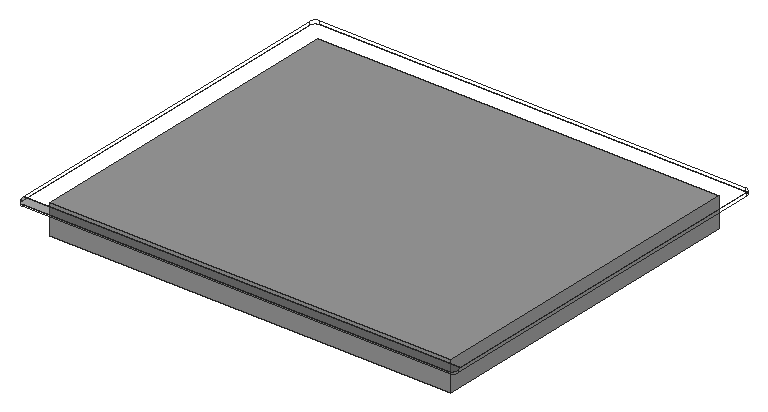
Revit family "IZF 6420", category Specialty Equipment, host Face, Revit 2017
Family settings
  Host = Face
  Round Connector Dimension = Use Diameter
  Part Type = Normal
  Cut with Voids When Loaded = Yes
  Shared = No
  Room Calculation Point = No
Parameters (values of type "IZF 6420")
  URL = "www.teka.cl"
  Profundidad encastre = 470.00 mm
  Profundiadad encimera = 40.00 mm
  Model = "IZF 6420"
  Manufacturer = "Teka"
  Interior encimera = Teka_Aluminio
  Description = "Encimera por inducción empotrable para mueble de cocina"
  Default Elevation = 1219.20 mm
  Cubierta encimera = Teka_Vidrio Encimera Satinado
  Ca_Web del Representante = "www.teka.cl"
  Ca_Web del Fabricante = "www.teka.cl"
  Ca_Usos = "Encimera por inducción empotrable para mueble de cocina"
  Ca_Teléfono = "99821 1017"
  Ca_Representante = "Teka"
  Ca_Profundidad Interior = 490.00 mm
  Ca_Profundidad = 510.00 mm
  Ca_Producto = "Encimera inducción IZF 6420"
  Ca_Peso = "11,8 kg"
  Ca_País de Fabricación = "Turquía"
  Ca_Medidas de embalaje = "103 x 659 x 553 mm"
  Ca_Material Principal = "Cristal vitrocerámico biselado frontal"
  Ca_Masterformat = "11 30 13.13"
  Ca_Itemizado CDT = "E 08 06 02"
  Ca_Instalación = "Empotrable"
  Ca_Fabricante = "Teka"
  Ca_Especificaciones Técnicas = "Encimera por inducción empotrable para cocina modelo IZF 6420"
  Ca_Código del Producto = "10210180"
  Ca_Código EAN = "8421152148785"
  Ca_Código Catálogo Arquitectura = "465_TEK_020"
  Ca_Creado por = "Catálogo Arquitectura"
  Ca_Contacto = "Khorzella@teka.cl"
  Ca_Certificaciones = ""
  Ca_Ancho Interior = 560.00 mm
  Ca_Ancho = 600.00 mm
  Ca_Alto Interior = 0.00 mm
  Ca_Alto = 0.00 mm
  Ca_3_Touch Control (Slider) = yes
  Ca_3_Terminación = "Biselada Frontal"
  Ca_3_Synchro = "2"
  Ca_3_Quick Boiling = "1"
  Ca_3_Programador independiente cada plato = yes
  Ca_3_Optimizador de recipientes = yes
  Ca_3_Keep Warm = yes
  Ca_3_Indicador de calor residual = yes
  Ca_3_Función Stop & Go = yes
  Ca_3_Función Power Plus = yes
  Ca_3_Detector de recipientes = yes
  Ca_3_Bloqueo de panel = yes
  Ca_2_Inducción ø 210 = "1"
  Ca_2_Inducción ø 145 = "1"
  Ca_2_Inducción Oval = "235 x 180 mm"
  Ca_1_Tensión 220/240 V. = "220"
  Ca_1_Potencia W. = "7400"
  Ca_1_Frecuencia Hz. = "50"
  Ca_1_Cable Conexión Tri-fásica = yes
  Ancho encastre = 560.00 mm
  Alto encastre = 80.00 mm
Reference planes
  plane 1 "Centro (Frontal/Posterior)": y = 0
  plane 2: z = 0
  plane 3 "Centro (Izquierda/Derecha)": x = 0
  plane 4: x = -280
  plane 5: x = 280
  plane 6: x = -300
  plane 7: x = 300
  plane 8: y = 235
  plane 9: y = -235
  plane 10: y = 255
  plane 11: y = -255
Forms (mm)
  Extrusion 1, solid, material "Teka_Vidrio Encimera Satinado" <- "Cubierta encimera"
    sketch origin (0, 0, 0) x (1, 0, 0) y (0, 1, 0)
      loop
        arc (-292, 255) -> (-297.657, 252.657) -> (-300, 247) r 8
        line (-300, 247) -> (-300, -247)
        arc (-300, -247) -> (-297.657, -252.657) -> (-292, -255) r 8
        line (-292, -255) -> (292, -255)
        arc (292, -255) -> (297.657, -252.657) -> (300, -247) r 8
        line (300, -247) -> (300, 247)
        arc (300, 247) -> (297.657, 252.657) -> (292, 255) r 8
        line (292, 255) -> (-292, 255)
    from 0 to 5
  Extrusion 2, void
    sketch origin (4.283, 0.162, 0) x (0, 1, 0) y (0, 0, 1)
      loop
        line (-243.252, 5) -> (-243.252, 11.785) -> (-259.041, 11.785) -> (-258.103, 2.001)
        arc (-258.103, 2.001) -> (-250.6, 3.116) -> (-243.252, 5) r 73.237
    from -317.607 to 320.474
  Extrusion 3, void
    sketch origin (-549.2, 1154.2, 0) x (0, 1, 0) y (1, 0, 0)
      loop
        line (-919.2, 269.2) -> (-919.2, 829.2) -> (-1389.2, 829.2) -> (-1389.2, 269.2) -> (-919.2, 269.2)
    from 0 to 80 <- "Alto encastre"
  Extrusion 4, solid, material "Teka_Aluminio" <- "Interior encimera"
    sketch origin (8.256, -4.097, 0) x (0, 1, 0) y (1, 0, 0)
      loop
        line (234.097, -283.256) -> (234.097, 266.744) -> (-225.903, 266.744) -> (-225.903, -283.256) -> (234.097, -283.256)
    from 0 to 40 <- "Profundiadad encimera"
Cuts and joins
  Extrusion 2 cuts Extrusion 1
Lines and regions (mm)
  Split face 1
    outline origin (-1534.635, 255, 5) x (-1, 0, 0) y (0, -1, 0)
      loop
        arc (-1544.02, 19.473) -> (-1542.523, 19.66) -> (-1542.305, 21.152) r 1.245
        line (-1542.305, 21.152) -> (-1554.898, 34.013)
        arc (-1554.898, 34.013) -> (-1556.578, 34.014) -> (-1556.613, 32.334) r 1.2
        line (-1556.613, 32.334) -> (-1544.02, 19.473)
  Split face 2
    outline origin (-1534.635, 255, 5) x (-1, 0, 0) y (0, -1, 0)
      loop
        arc (-1564.348, 40.718) -> (-1563.952, 40.886) -> (-1563.779, 41.28) r 0.583
        line (-1563.779, 41.28) -> (-1613.142, 91.305)
        arc (-1613.142, 91.305) -> (-1613.55, 91.15) -> (-1613.711, 90.744) r 0.542
        line (-1613.711, 90.744) -> (-1564.348, 40.718)
  Split face 3
    outline origin (-1534.635, 255, 5) x (-1, 0, 0) y (0, -1, 0)
      loop
        arc (-1791.862, 21.152) -> (-1791.644, 19.66) -> (-1790.147, 19.473) r 1.245
        line (-1790.147, 19.473) -> (-1777.554, 32.334)
        arc (-1777.554, 32.334) -> (-1777.589, 34.014) -> (-1779.269, 34.013) r 1.2
        line (-1779.269, 34.013) -> (-1791.862, 21.152)
  Split face 4
    outline origin (-1534.635, 255, 5) x (-1, 0, 0) y (0, -1, 0)
      loop
        line (-1721.228, 91.305) -> (-1770.591, 41.28)
        arc (-1770.591, 41.28) -> (-1770.418, 40.886) -> (-1770.021, 40.718) r 0.583
        line (-1770.021, 40.718) -> (-1720.659, 90.744)
        arc (-1720.659, 90.744) -> (-1720.819, 91.15) -> (-1721.228, 91.305) r 0.542
  Split face 5
    outline origin (-1534.635, 255, 5) x (-1, 0, 0) y (0, -1, 0)
      loop
        line (-1646.522, 226.88) -> (-1646.522, 225.78) -> (-1548.535, 225.78) -> (-1548.535, 226.88) -> (-1646.522, 226.88)
  Split face 6
    outline origin (-1534.635, 255, 5) x (-1, 0, 0) y (0, -1, 0)
      loop
        line (-1681.125, 226.88) -> (-1785.721, 226.88) -> (-1785.721, 225.78) -> (-1681.125, 225.78) -> (-1681.125, 226.88)
  Split face 7
    outline origin (-1534.635, 255, 5) x (-1, 0, 0) y (0, -1, 0)
      loop
        line (-1667.906, 220.743) -> (-1667.906, 216.303) -> (-1659.684, 216.303) -> (-1659.684, 220.743) -> (-1667.906, 220.743)
  Split face 8
    outline origin (-1534.635, 255, 5) x (-1, 0, 0) y (0, -1, 0)
      loop
        line (-1662.091, 220.743) -> (-1662.091, 216.303)
      loop
        line (-1665.606, 216.303) -> (-1665.606, 220.743)
      loop
        line (-1662.691, 216.303) -> (-1662.691, 220.743)
      loop
        line (-1665.006, 220.743) -> (-1665.006, 216.303)
  Split face 9
    outline origin (-1534.635, 255, 5) x (-1, 0, 0) y (0, -1, 0)
      loop
        line (-1662.691, 220.243) -> (-1664.506, 220.243) -> (-1664.506, 216.803) -> (-1662.691, 216.803)
  Split face 10
    outline origin (-1534.635, 255, 5) x (-1, 0, 0) y (0, -1, 0)
      loop
        line (-1664.506, 218.523) -> (-1662.691, 218.523)
      loop
        line (-1662.691, 218.023) -> (-1664.506, 218.023)
  Split face 11
    outline origin (-1534.635, 255, 5) x (-1, 0, 0) y (0, -1, 0)
      loop
        line (-1667.906, 216.803) -> (-1666.106, 216.803) -> (-1666.106, 217.803) -> (-1667.906, 217.803)
      loop
        line (-1665.606, 220.243) -> (-1667.406, 220.243) -> (-1667.406, 218.303) -> (-1665.606, 218.303)
  Split face 12
    outline origin (-1534.635, 255, 5) x (-1, 0, 0) y (0, -1, 0)
      loop
        line (-1659.684, 217.503) -> (-1662.091, 217.503)
        arc (-1662.091, 217.503) -> (-1660.887, 216.299) -> (-1659.684, 217.503) r 1.204
  Split face 13
    outline origin (-1534.635, 255, 5) x (-1, 0, 0) y (0, -1, 0)
      loop
        arc (-1661.591, 217.503) -> (-1660.887, 216.799) -> (-1660.184, 217.503) r 0.704
  Split face 14
    outline origin (-1534.635, 255, 5) x (-1, 0, 0) y (0, -1, 0)
      loop
        line (-1662.091, 217.503) -> (-1660.558, 220.243) -> (-1662.091, 220.243)
      loop
        line (-1659.684, 220.743) -> (-1661.591, 217.503)
  Split face 15
    outline origin (-1534.635, 255, 5) x (-1, 0, 0) y (0, -1, 0)
      loop
        line (-1651.879, 227.596) -> (-1652.679, 227.596) -> (-1652.679, 225.006) -> (-1653.885, 225.006) -> (-1653.885, 224.206) -> (-1652.679, 224.206) -> (-1652.679, 223.216) -> (-1654.877, 223.216) -> (-1654.877, 222.416) -> (-1651.879, 222.416) -> (-1651.879, 227.596)
  Split face 16
    outline origin (-1534.635, 255, 5) x (-1, 0, 0) y (0, -1, 0)
      loop
        line (-1652.079, 222.416) -> (-1652.079, 227.596)
  Split face 17
    outline origin (-1534.635, 255, 5) x (-1, 0, 0) y (0, -1, 0)
      loop
        line (-1652.679, 223.216) -> (-1652.679, 222.416)
  Split face 18
    outline origin (-1534.635, 255, 5) x (-1, 0, 0) y (0, -1, 0)
      loop
        line (-1652.679, 223.016) -> (-1654.877, 223.016)
  Split face 19
    outline origin (-1534.635, 255, 5) x (-1, 0, 0) y (0, -1, 0)
      loop
        line (-1652.679, 224.206) -> (-1652.679, 225.006)
  Split face 20
    outline origin (-1534.635, 255, 5) x (-1, 0, 0) y (0, -1, 0)
      loop
        line (-1653.885, 224.406) -> (-1652.679, 224.406)
  Split face 21
    outline origin (-1534.635, 255, 5) x (-1, 0, 0) y (0, -1, 0)
      loop
        line (-1655.477, 222.416) -> (-1655.477, 227.596) -> (-1656.277, 227.596) -> (-1656.277, 222.416) -> (-1655.477, 222.416)
  Split face 22
    outline origin (-1534.635, 255, 5) x (-1, 0, 0) y (0, -1, 0)
      loop
        line (-1655.677, 227.596) -> (-1655.677, 222.416)
  Split face 23
    outline origin (-1534.635, 255, 5) x (-1, 0, 0) y (0, -1, 0)
      loop
        line (-1657.443, 227.596) -> (-1659.543, 227.596) -> (-1659.543, 224.796) -> (-1657.443, 224.796) -> (-1657.443, 227.596)
  Split face 24
    outline origin (-1534.635, 255, 5) x (-1, 0, 0) y (0, -1, 0)
      loop
        line (-1659.543, 225.296) -> (-1657.943, 225.296) -> (-1657.943, 227.096) -> (-1659.543, 227.096)
  Split face 25
    outline origin (-1534.635, 255, 5) x (-1, 0, 0) y (0, -1, 0)
      loop
        line (-1659.543, 225.996) -> (-1657.943, 225.996)
      loop
        line (-1657.943, 226.396) -> (-1659.543, 226.396)
  Split face 26
    outline origin (-1534.635, 255, 5) x (-1, 0, 0) y (0, -1, 0)
      loop
        line (-1660.603, 224.796) -> (-1660.603, 227.596) -> (-1662.703, 227.596) -> (-1662.703, 224.796) -> (-1660.603, 224.796)
  Split face 27
    outline origin (-1534.635, 255, 5) x (-1, 0, 0) y (0, -1, 0)
      loop
        line (-1660.978, 224.796) -> (-1661.653, 225.696) -> (-1662.328, 224.796)
      loop
        line (-1662.328, 227.596) -> (-1661.653, 226.696) -> (-1660.978, 227.596)
      loop
        line (-1662.703, 225.296) -> (-1662.028, 226.196) -> (-1662.703, 227.096)
      loop
        line (-1660.603, 227.096) -> (-1661.278, 226.196) -> (-1660.603, 225.296)
  Split face 28
    outline origin (-1534.635, 255, 5) x (-1, 0, 0) y (0, -1, 0)
      loop
        line (-1665.092, 222.416) -> (-1665.092, 227.596) -> (-1668.892, 227.596) -> (-1668.892, 222.416) -> (-1665.092, 222.416)
  Split face 29
    outline origin (-1534.635, 255, 5) x (-1, 0, 0) y (0, -1, 0)
      loop
        line (-1665.092, 226.996) -> (-1668.192, 223.016) -> (-1665.092, 223.016)
      loop
        line (-1668.892, 223.016) -> (-1665.792, 226.996) -> (-1668.892, 226.996)
  Split face 30
    outline origin (-1534.635, 255, 5) x (-1, 0, 0) y (0, -1, 0)
      loop
        line (-1669.645, 224.796) -> (-1669.645, 227.596) -> (-1671.745, 227.596) -> (-1671.745, 224.796) -> (-1669.645, 224.796)
  Split face 31
    outline origin (-1534.635, 255, 5) x (-1, 0, 0) y (0, -1, 0)
      loop
        line (-1671.245, 225.296) -> (-1670.145, 225.296) -> (-1670.145, 227.096) -> (-1671.245, 227.096) -> (-1671.245, 225.296)
  Split face 32
    outline origin (-1534.635, 255, 5) x (-1, 0, 0) y (0, -1, 0)
      loop
        line (-1672.645, 224.796) -> (-1672.645, 227.596) -> (-1674.745, 227.596) -> (-1674.745, 224.796) -> (-1672.645, 224.796)
  Split face 33
    outline origin (-1534.635, 255, 5) x (-1, 0, 0) y (0, -1, 0)
      loop
        line (-1674.245, 227.596) -> (-1674.245, 225.296) -> (-1673.145, 225.296) -> (-1673.145, 227.596)
  Split face 34
    outline origin (-1534.635, 255, 5) x (-1, 0, 0) y (0, -1, 0)
      loop
        line (-1675.645, 224.796) -> (-1675.645, 227.596) -> (-1677.745, 227.596) -> (-1677.745, 224.796) -> (-1675.645, 224.796)
  Split face 35
    outline origin (-1534.635, 255, 5) x (-1, 0, 0) y (0, -1, 0)
      loop
        line (-1677.745, 225.296) -> (-1676.145, 225.296) -> (-1676.145, 227.096) -> (-1677.745, 227.096)
  Split face 36
    outline origin (-1534.635, 255, 5) x (-1, 0, 0) y (0, -1, 0)
      loop
        line (-1677.745, 225.996) -> (-1676.145, 225.996)
      loop
        line (-1677.745, 226.396) -> (-1676.145, 226.396)
  Split face 37
    outline origin (-1534.635, 255, 5) x (-1, 0, 0) y (0, -1, 0)
      loop
        arc (-1556.613, 420.327) -> (-1556.578, 418.647) -> (-1554.898, 418.648) r 1.2
        line (-1554.898, 418.648) -> (-1542.305, 431.509)
        arc (-1542.305, 431.509) -> (-1542.523, 433.001) -> (-1544.02, 433.188) r 1.245
        line (-1544.02, 433.188) -> (-1556.613, 420.327)
  Split face 38
    outline origin (-1534.635, 255, 5) x (-1, 0, 0) y (0, -1, 0)
      loop
        line (-1613.142, 361.355) -> (-1563.779, 411.381)
        arc (-1563.779, 411.381) -> (-1563.952, 411.775) -> (-1564.348, 411.943) r 0.583
        line (-1564.348, 411.943) -> (-1613.711, 361.917)
        arc (-1613.711, 361.917) -> (-1613.55, 361.511) -> (-1613.142, 361.355) r 0.542
  Split face 39
    outline origin (-1534.635, 255, 5) x (-1, 0, 0) y (0, -1, 0)
      loop
        line (-1791.862, 431.509) -> (-1779.269, 418.648)
        arc (-1779.269, 418.648) -> (-1777.589, 418.647) -> (-1777.554, 420.327) r 1.2
        line (-1777.554, 420.327) -> (-1790.147, 433.188)
        arc (-1790.147, 433.188) -> (-1791.644, 433.001) -> (-1791.862, 431.509) r 1.245
  Split face 40
    outline origin (-1534.635, 255, 5) x (-1, 0, 0) y (0, -1, 0)
      loop
        line (-1770.591, 411.381) -> (-1721.228, 361.355)
        arc (-1721.228, 361.355) -> (-1720.819, 361.511) -> (-1720.659, 361.917) r 0.542
        line (-1720.659, 361.917) -> (-1770.021, 411.943)
        arc (-1770.021, 411.943) -> (-1770.418, 411.775) -> (-1770.591, 411.381) r 0.583
  Split face 41
    outline origin (-1534.635, 255, 5) x (-1, 0, 0) y (0, -1, 0)
      loop
        line (-1665.977, 138.855) -> (-1669.333, 138.855)
        arc (-1669.333, 138.855) -> (-1671.46, 136.864) -> (-1670.138, 134.269) r 2.424
        line (-1670.138, 134.269) -> (-1665.725, 134.269) -> (-1663.975, 142.069) -> (-1665.256, 142.069) -> (-1665.977, 138.855)
  Split face 42
    outline origin (-1534.635, 255, 5) x (-1, 0, 0) y (0, -1, 0)
      loop
        line (-1666.179, 137.955) -> (-1669.279, 137.955)
        arc (-1669.279, 137.955) -> (-1670.559, 136.779) -> (-1669.904, 135.169) r 1.524
        line (-1669.904, 135.169) -> (-1666.804, 135.169) -> (-1666.179, 137.955)
  Split face 43
    outline origin (-1534.635, 255, 5) x (-1, 0, 0) y (0, -1, 0)
      loop
        line (-1665.977, 311.925) -> (-1669.333, 311.925)
        arc (-1669.333, 311.925) -> (-1671.46, 309.934) -> (-1670.138, 307.339) r 2.424
        line (-1670.138, 307.339) -> (-1665.725, 307.339) -> (-1663.975, 315.139) -> (-1665.256, 315.139) -> (-1665.977, 311.925)
  Split face 44
    outline origin (-1534.635, 255, 5) x (-1, 0, 0) y (0, -1, 0)
      loop
        line (-1666.179, 311.025) -> (-1669.279, 311.025)
        arc (-1669.279, 311.025) -> (-1670.559, 309.849) -> (-1669.904, 308.239) r 1.524
        line (-1669.904, 308.239) -> (-1666.804, 308.239) -> (-1666.179, 311.025)
  Split face 45
    outline origin (-1534.635, 255, 5) x (-1, 0, 0) y (0, -1, 0)
      loop
        arc (-1449.575, 47.749) -> (-1449.906, 49.252) -> (-1451.411, 49.576) r 1.423
        line (-1451.411, 49.576) -> (-1469.044, 31.854)
        arc (-1469.044, 31.854) -> (-1468.725, 30.333) -> (-1467.201, 30.02) r 1.417
        line (-1467.201, 30.02) -> (-1449.575, 47.749)
  Split face 46
    outline origin (-1534.635, 255, 5) x (-1, 0, 0) y (0, -1, 0)
      loop
        line (-1280.197, 31.713) -> (-1297.972, 49.439)
        arc (-1297.972, 49.439) -> (-1299.649, 49.256) -> (-1299.981, 47.602) r 1.428
        line (-1299.981, 47.602) -> (-1282.117, 29.787)
        arc (-1282.117, 29.787) -> (-1280.672, 30.266) -> (-1280.197, 31.713) r 1.692
  Split face 47
    outline origin (-1534.635, 255, 5) x (-1, 0, 0) y (0, -1, 0)
      loop
        line (-1449.423, 200.921) -> (-1467.188, 218.63)
        arc (-1467.188, 218.63) -> (-1468.915, 218.396) -> (-1469.144, 216.667) r 1.436
        line (-1469.144, 216.667) -> (-1451.272, 199.066)
        arc (-1451.272, 199.066) -> (-1449.829, 199.476) -> (-1449.423, 200.921) r 1.536
  Split face 48
    outline origin (-1534.635, 255, 5) x (-1, 0, 0) y (0, -1, 0)
      loop
        arc (-1280.651, 216.596) -> (-1280.702, 218.47) -> (-1282.575, 218.528) r 1.365
        line (-1282.575, 218.528) -> (-1299.895, 200.745)
        arc (-1299.895, 200.745) -> (-1299.579, 199.362) -> (-1298.177, 199.139) r 1.268
        line (-1298.177, 199.139) -> (-1280.651, 216.596)
  Split face 49
    outline origin (-1534.635, 255, 5) x (-1, 0, 0) y (0, -1, 0)
      loop
        arc (-1304.87, 53.903) -> (-1304.456, 53.989) -> (-1304.328, 54.392) r 0.419
        line (-1304.328, 54.392) -> (-1342.46, 92.627)
        arc (-1342.46, 92.627) -> (-1342.966, 92.505) -> (-1343.086, 91.998) r 0.497
        line (-1343.086, 91.998) -> (-1304.87, 53.903)
  Split face 50
    outline origin (-1534.635, 255, 5) x (-1, 0, 0) y (0, -1, 0)
      loop
        arc (-1406.702, 91.816) -> (-1406.727, 92.408) -> (-1407.319, 92.425) r 0.435
        line (-1407.319, 92.425) -> (-1436.21, 63.531)
        arc (-1436.21, 63.531) -> (-1436.161, 62.948) -> (-1435.576, 62.917) r 0.446
        line (-1435.576, 62.917) -> (-1406.702, 91.816)
  Split face 51
    outline origin (-1534.635, 255, 5) x (-1, 0, 0) y (0, -1, 0)
      loop
        arc (-1304.388, 194.273) -> (-1304.509, 194.666) -> (-1304.915, 194.733) r 0.391
        line (-1304.915, 194.733) -> (-1343.16, 156.626)
        arc (-1343.16, 156.626) -> (-1343.04, 156.169) -> (-1342.583, 156.049) r 0.468
        line (-1342.583, 156.049) -> (-1304.388, 194.273)
  Split face 52
    outline origin (-1534.635, 255, 5) x (-1, 0, 0) y (0, -1, 0)
      loop
        line (-1406.668, 156.786) -> (-1444.69, 194.831)
        arc (-1444.69, 194.831) -> (-1445.17, 194.729) -> (-1445.272, 194.249) r 0.451
        line (-1445.272, 194.249) -> (-1407.247, 156.207)
        arc (-1407.247, 156.207) -> (-1406.731, 156.27) -> (-1406.668, 156.786) r 0.421
  Split face 53
    outline origin (-1534.635, 255, 5) x (-1, 0, 0) y (0, -1, 0)
      loop
        line (-1373.638, 122.198) -> (-1371.545, 122.198) -> (-1371.545, 126.469) -> (-1372.445, 126.469) -> (-1372.445, 124.972) -> (-1373.638, 124.972)
        arc (-1373.638, 124.972) -> (-1375.024, 123.585) -> (-1373.638, 122.198) r 1.387
  Split face 54
    outline origin (-1534.635, 255, 5) x (-1, 0, 0) y (0, -1, 0)
      loop
        line (-1372.445, 124.072) -> (-1373.638, 124.064)
        arc (-1373.638, 124.064) -> (-1374.121, 123.581) -> (-1373.638, 123.098) r 0.483
        line (-1373.638, 123.098) -> (-1372.445, 123.098) -> (-1372.445, 124.072)
  Split face 55
    outline origin (-1534.635, 255, 5) x (-1, 0, 0) y (0, -1, 0)
      loop
        line (-1376.239, 123.04) -> (-1376.239, 124.04) -> (-1375.239, 124.04) -> (-1375.239, 124.94) -> (-1376.239, 124.94) -> (-1376.239, 125.94) -> (-1377.122, 125.94) -> (-1377.122, 124.94) -> (-1378.122, 124.94) -> (-1378.122, 124.04) -> (-1377.122, 124.04) -> (-1377.122, 123.04) -> (-1376.239, 123.04)
  Split face 56
    outline origin (-1534.635, 255, 5) x (-1, 0, 0) y (0, -1, 0)
      loop
        circle (-1374.749, 124.356) r 105
  Split face 57
    outline origin (-1534.635, 255, 5) x (-1, 0, 0) y (0, -1, 0)
      loop
        circle (-1374.749, 124.356) r 103
  Split face 58
    outline origin (-1534.635, 255, 5) x (-1, 0, 0) y (0, -1, 0)
      loop
        line (-1306.238, 47.446) -> (-1304.907, 45.952)
      loop
        line (-1306.911, 46.851) -> (-1305.594, 45.346)
      loop
        line (-1314.652, 40.706) -> (-1313.485, 39.081)
      loop
        line (-1315.384, 40.184) -> (-1314.232, 38.55)
      loop
        line (-1323.725, 34.882) -> (-1322.735, 33.145)
      loop
        line (-1324.508, 34.44) -> (-1323.532, 32.694)
      loop
        line (-1333.357, 30.039) -> (-1332.554, 28.207)
      loop
        line (-1334.182, 29.681) -> (-1333.394, 27.843)
      loop
        line (-1343.443, 26.229) -> (-1342.835, 24.323)
      loop
        line (-1344.3, 25.959) -> (-1343.709, 24.049)
      loop
        line (-1353.872, 23.494) -> (-1353.466, 21.536)
      loop
        line (-1354.752, 23.316) -> (-1354.364, 21.354)
      loop
        line (-1364.529, 21.864) -> (-1364.33, 19.874)
      loop
        line (-1365.424, 21.779) -> (-1365.243, 19.787)
      loop
        line (-1375.298, 21.357) -> (-1375.309, 19.357)
      loop
        line (-1376.197, 21.366) -> (-1376.225, 19.366)
      loop
        line (-1386.061, 21.979) -> (-1386.281, 19.991)
      loop
        line (-1386.954, 22.082) -> (-1387.191, 20.096)
      loop
        line (-1396.701, 23.722) -> (-1397.127, 21.768)
      loop
        line (-1397.578, 23.918) -> (-1398.021, 21.968)
      loop
        line (-1407.1, 26.568) -> (-1407.728, 24.669)
      loop
        line (-1407.952, 26.854) -> (-1408.596, 24.961)
      loop
        line (-1417.144, 30.486) -> (-1417.967, 28.663)
      loop
        line (-1417.961, 30.859) -> (-1418.801, 29.044)
      loop
        line (-1426.724, 35.431) -> (-1427.733, 33.705)
      loop
        line (-1427.498, 35.888) -> (-1428.522, 34.17)
      loop
        line (-1435.734, 41.351) -> (-1436.918, 39.739)
      loop
        line (-1436.456, 41.887) -> (-1437.654, 40.285)
      loop
        line (-1444.077, 48.181) -> (-1445.423, 46.702)
      loop
        line (-1444.739, 48.789) -> (-1446.098, 47.321)
      loop
        line (-1451.659, 55.845) -> (-1453.153, 54.514)
      loop
        line (-1452.254, 56.518) -> (-1453.759, 55.201)
      loop
        line (-1458.399, 64.259) -> (-1460.024, 63.092)
      loop
        line (-1458.921, 64.992) -> (-1460.555, 63.839)
      loop
        line (-1464.223, 73.332) -> (-1465.96, 72.342)
      loop
        line (-1464.665, 74.115) -> (-1466.411, 73.14)
      loop
        line (-1469.066, 82.964) -> (-1470.898, 82.161)
      loop
        line (-1469.424, 83.789) -> (-1471.262, 83.001)
      loop
        line (-1472.876, 93.05) -> (-1474.781, 92.442)
      loop
        line (-1473.145, 93.908) -> (-1475.056, 93.316)
      loop
        line (-1475.611, 103.479) -> (-1477.569, 103.073)
      loop
        line (-1475.789, 104.36) -> (-1477.751, 103.971)
      loop
        line (-1477.241, 114.136) -> (-1479.231, 113.937)
      loop
        line (-1477.326, 115.031) -> (-1479.318, 114.85)
      loop
        line (-1477.747, 124.905) -> (-1479.747, 124.916)
      loop
        line (-1477.739, 125.804) -> (-1479.739, 125.832)
      loop
        line (-1477.126, 135.668) -> (-1479.114, 135.888)
      loop
        line (-1477.023, 136.561) -> (-1479.009, 136.798)
      loop
        line (-1475.382, 146.308) -> (-1477.337, 146.734)
      loop
        line (-1475.187, 147.185) -> (-1477.137, 147.628)
      loop
        line (-1472.537, 156.707) -> (-1474.435, 157.335)
      loop
        line (-1472.251, 157.559) -> (-1474.144, 158.203)
      loop
        line (-1468.619, 166.751) -> (-1470.442, 167.574)
      loop
        line (-1468.246, 167.569) -> (-1470.061, 168.408)
      loop
        line (-1463.674, 176.331) -> (-1465.4, 177.34)
      loop
        line (-1463.217, 177.105) -> (-1464.934, 178.129)
      loop
        line (-1457.754, 185.341) -> (-1459.365, 186.526)
      loop
        line (-1457.218, 186.063) -> (-1458.82, 187.262)
      loop
        line (-1450.924, 193.684) -> (-1452.403, 195.03)
      loop
        line (-1450.316, 194.346) -> (-1451.784, 195.705)
      loop
        line (-1443.26, 201.266) -> (-1444.591, 202.76)
      loop
        line (-1442.586, 201.861) -> (-1443.904, 203.366)
      loop
        line (-1434.846, 208.006) -> (-1436.012, 209.631)
      loop
        line (-1434.113, 208.528) -> (-1435.266, 210.162)
      loop
        line (-1425.773, 213.83) -> (-1426.763, 215.567)
      loop
        line (-1424.99, 214.272) -> (-1425.965, 216.018)
      loop
        line (-1416.14, 218.673) -> (-1416.944, 220.505)
      loop
        line (-1415.316, 219.031) -> (-1416.103, 220.869)
      loop
        line (-1406.055, 222.483) -> (-1406.663, 224.388)
      loop
        line (-1405.197, 222.753) -> (-1405.789, 224.663)
      loop
        line (-1395.626, 225.218) -> (-1396.032, 227.176)
      loop
        line (-1394.745, 225.396) -> (-1395.134, 227.358)
      loop
        line (-1384.969, 226.848) -> (-1385.167, 228.838)
      loop
        line (-1384.074, 226.933) -> (-1384.255, 228.925)
      loop
        line (-1374.2, 227.354) -> (-1374.189, 229.354)
      loop
        line (-1373.301, 227.346) -> (-1373.273, 229.346)
      loop
        line (-1363.436, 226.733) -> (-1363.217, 228.721)
      loop
        line (-1362.543, 226.63) -> (-1362.306, 228.616)
      loop
        line (-1352.797, 224.99) -> (-1352.371, 226.944)
      loop
        line (-1351.92, 224.794) -> (-1351.476, 226.744)
      loop
        line (-1342.398, 222.144) -> (-1341.77, 224.042)
      loop
        line (-1341.546, 221.858) -> (-1340.901, 223.751)
      loop
        line (-1332.354, 218.226) -> (-1331.531, 220.049)
      loop
        line (-1331.536, 217.853) -> (-1330.697, 219.668)
      loop
        line (-1322.774, 213.281) -> (-1321.765, 215.007)
      loop
        line (-1322, 212.824) -> (-1320.976, 214.542)
      loop
        line (-1313.764, 207.361) -> (-1312.579, 208.972)
      loop
        line (-1313.042, 206.825) -> (-1311.843, 208.427)
      loop
        line (-1305.421, 200.531) -> (-1304.075, 202.01)
      loop
        line (-1304.759, 199.923) -> (-1303.4, 201.391)
      loop
        line (-1297.839, 192.867) -> (-1296.345, 194.198)
      loop
        line (-1297.244, 192.193) -> (-1295.739, 193.511)
      loop
        line (-1291.098, 184.453) -> (-1289.474, 185.62)
      loop
        line (-1290.577, 183.72) -> (-1288.943, 184.873)
      loop
        line (-1285.275, 175.38) -> (-1283.538, 176.37)
      loop
        line (-1284.833, 174.597) -> (-1283.087, 175.572)
      loop
        line (-1280.432, 165.747) -> (-1278.6, 166.551)
      loop
        line (-1280.074, 164.923) -> (-1278.236, 165.711)
      loop
        line (-1276.622, 155.662) -> (-1274.716, 156.27)
      loop
        line (-1276.352, 154.804) -> (-1274.442, 155.396)
      loop
        line (-1273.887, 145.233) -> (-1271.928, 145.639)
      loop
        line (-1273.709, 144.352) -> (-1271.747, 144.741)
      loop
        line (-1272.257, 134.576) -> (-1270.267, 134.774)
      loop
        line (-1272.172, 133.681) -> (-1270.18, 133.862)
      loop
        line (-1271.75, 123.807) -> (-1269.75, 123.796)
      loop
        line (-1271.759, 122.908) -> (-1269.759, 122.88)
      loop
        line (-1272.372, 113.043) -> (-1270.384, 112.824)
      loop
        line (-1272.475, 112.15) -> (-1270.489, 111.913)
      loop
        line (-1274.115, 102.404) -> (-1272.161, 101.978)
      loop
        line (-1274.311, 101.527) -> (-1272.36, 101.083)
      loop
        line (-1276.961, 92.005) -> (-1275.062, 91.377)
      loop
        line (-1277.247, 91.153) -> (-1275.354, 90.508)
      loop
        line (-1280.878, 81.961) -> (-1279.056, 81.138)
      loop
        line (-1281.252, 81.143) -> (-1279.437, 80.304)
      loop
        line (-1285.824, 72.381) -> (-1284.097, 71.372)
      loop
        line (-1286.281, 71.607) -> (-1284.563, 70.583)
      loop
        line (-1291.744, 63.371) -> (-1290.132, 62.186)
      loop
        line (-1292.28, 62.649) -> (-1290.678, 61.45)
      loop
        line (-1298.574, 55.028) -> (-1297.094, 53.682)
      loop
        line (-1299.181, 54.366) -> (-1297.714, 53.007)
  Split face 59
    outline origin (-1534.635, 255, 5) x (-1, 0, 0) y (0, -1, 0)
      loop
        arc (-1297.528, 278.911) -> (-1295.811, 278.922) -> (-1295.616, 280.628) r 1.294
        line (-1295.616, 280.628) -> (-1307.68, 292.87)
        arc (-1307.68, 292.87) -> (-1309.44, 292.579) -> (-1309.628, 290.804) r 1.473
        line (-1309.628, 290.804) -> (-1297.528, 278.911)
  Split face 60
    outline origin (-1534.635, 255, 5) x (-1, 0, 0) y (0, -1, 0)
      loop
        line (-1425.508, 278.911) -> (-1413.408, 290.804)
        arc (-1413.408, 290.804) -> (-1413.595, 292.579) -> (-1415.356, 292.87) r 1.473
        line (-1415.356, 292.87) -> (-1427.419, 280.628)
        arc (-1427.419, 280.628) -> (-1427.225, 278.922) -> (-1425.508, 278.911) r 1.294
  Split face 61
    outline origin (-1534.635, 255, 5) x (-1, 0, 0) y (0, -1, 0)
      loop
        arc (-1415.244, 396.588) -> (-1413.572, 396.746) -> (-1413.295, 398.403) r 1.378
        line (-1413.295, 398.403) -> (-1425.471, 410.61)
        arc (-1425.471, 410.61) -> (-1427.202, 410.443) -> (-1427.355, 408.71) r 1.361
        line (-1427.355, 408.71) -> (-1415.244, 396.588)
  Split face 62
    outline origin (-1534.635, 255, 5) x (-1, 0, 0) y (0, -1, 0)
      loop
        arc (-1295.214, 409.052) -> (-1295.709, 410.431) -> (-1297.109, 410.861) r 1.636
        line (-1297.109, 410.861) -> (-1309.824, 398.282)
        arc (-1309.824, 398.282) -> (-1309.532, 396.7) -> (-1307.971, 396.305) r 1.491
        line (-1307.971, 396.305) -> (-1295.214, 409.052)
  Split face 63
    outline origin (-1534.635, 255, 5) x (-1, 0, 0) y (0, -1, 0)
      loop
        arc (-1339.004, 322.829) -> (-1339.618, 322.79) -> (-1339.629, 322.175) r 0.454
        line (-1339.629, 322.175) -> (-1314.407, 296.991)
        arc (-1314.407, 296.991) -> (-1313.817, 296.941) -> (-1313.738, 297.528) r 0.429
        line (-1313.738, 297.528) -> (-1339.004, 322.829)
  Split face 64
    outline origin (-1534.635, 255, 5) x (-1, 0, 0) y (0, -1, 0)
      loop
        arc (-1383.3, 322.181) -> (-1383.315, 322.796) -> (-1383.931, 322.814) r 0.448
        line (-1383.931, 322.814) -> (-1402.106, 304.656)
        arc (-1402.106, 304.656) -> (-1401.984, 304.138) -> (-1401.453, 304.112) r 0.442
        line (-1401.453, 304.112) -> (-1383.3, 322.181)
  Split face 65
    outline origin (-1534.635, 255, 5) x (-1, 0, 0) y (0, -1, 0)
      loop
        arc (-1339.598, 367.128) -> (-1339.48, 366.664) -> (-1339.018, 366.537) r 0.476
        line (-1339.018, 366.537) -> (-1313.671, 391.803)
        arc (-1313.671, 391.803) -> (-1313.849, 392.28) -> (-1314.327, 392.457) r 0.61
        line (-1314.327, 392.457) -> (-1339.598, 367.128)
  Split face 66
    outline origin (-1534.635, 255, 5) x (-1, 0, 0) y (0, -1, 0)
      loop
        line (-1383.22, 367.163) -> (-1408.534, 392.457)
        arc (-1408.534, 392.457) -> (-1408.998, 392.344) -> (-1409.11, 391.88) r 0.458
        line (-1409.11, 391.88) -> (-1383.889, 366.592)
        arc (-1383.889, 366.592) -> (-1383.339, 366.625) -> (-1383.22, 367.163) r 0.457
  Split face 67
    outline origin (-1534.635, 255, 5) x (-1, 0, 0) y (0, -1, 0)
      loop
        line (-1437.158, 50.185) -> (-1441.325, 52.742)
        arc (-1441.325, 52.742) -> (-1441.736, 53.385) -> (-1441.486, 54.107) r 0.875
        line (-1441.486, 54.107) -> (-1437.362, 58.23)
        arc (-1437.362, 58.23) -> (-1436.641, 58.48) -> (-1435.998, 58.069) r 0.875
        line (-1435.998, 58.069) -> (-1433.441, 53.903) -> (-1432.248, 54.635) -> (-1434.805, 58.801)
        arc (-1434.805, 58.801) -> (-1436.477, 59.871) -> (-1438.352, 59.22) r 2.275
        line (-1438.352, 59.22) -> (-1442.476, 55.097)
        arc (-1442.476, 55.097) -> (-1443.127, 53.221) -> (-1442.057, 51.549) r 2.275
        line (-1442.057, 51.549) -> (-1437.891, 48.992) -> (-1437.158, 50.185)
  Split face 68
    outline origin (-1534.635, 255, 5) x (-1, 0, 0) y (0, -1, 0)
      loop
        line (-1432.844, 54.269) -> (-1435.401, 58.435)
        arc (-1435.401, 58.435) -> (-1436.559, 59.176) -> (-1437.857, 58.725) r 1.575
        line (-1437.857, 58.725) -> (-1441.981, 54.602)
        arc (-1441.981, 54.602) -> (-1442.431, 53.303) -> (-1441.691, 52.145) r 1.575
        line (-1441.691, 52.145) -> (-1437.525, 49.588)
  Split face 69
    outline origin (-1534.635, 255, 5) x (-1, 0, 0) y (0, -1, 0)
      loop
        arc (-1434.794, 48.894) -> (-1435.969, 49.507) -> (-1436.199, 50.813) r 1.5
        arc (-1436.199, 50.813) -> (-1436.78, 52.377) -> (-1438.344, 52.957) r 2.001
        line (-1438.344, 52.957) -> (-1438.284, 52.159)
        arc (-1438.284, 52.159) -> (-1437.369, 51.834) -> (-1436.993, 50.937) r 1.201
        arc (-1436.993, 50.937) -> (-1436.583, 48.993) -> (-1434.812, 48.094) r 2.3
        line (-1434.812, 48.094) -> (-1434.794, 48.894)
  Split face 70
    outline origin (-1534.635, 255, 5) x (-1, 0, 0) y (0, -1, 0)
      loop
        arc (-1433.733, 49.955) -> (-1434.908, 50.568) -> (-1435.138, 51.874) r 1.5
        arc (-1435.138, 51.874) -> (-1435.719, 53.438) -> (-1437.284, 54.017) r 2.001
        line (-1437.284, 54.017) -> (-1437.224, 53.22)
        arc (-1437.224, 53.22) -> (-1436.308, 52.894) -> (-1435.933, 51.998) r 1.201
        arc (-1435.933, 51.998) -> (-1435.523, 50.054) -> (-1433.751, 49.155) r 2.3
        line (-1433.751, 49.155) -> (-1433.733, 49.955)
  Split face 71
    outline origin (-1534.635, 255, 5) x (-1, 0, 0) y (0, -1, 0)
      loop
        arc (-1432.672, 51.015) -> (-1433.848, 51.629) -> (-1434.077, 52.934) r 1.5
        arc (-1434.077, 52.934) -> (-1434.659, 54.498) -> (-1436.223, 55.078) r 2.001
        line (-1436.223, 55.078) -> (-1436.163, 54.28)
        arc (-1436.163, 54.28) -> (-1435.247, 53.955) -> (-1434.872, 53.058) r 1.201
        arc (-1434.872, 53.058) -> (-1434.462, 51.115) -> (-1432.691, 50.216) r 2.3
        line (-1432.691, 50.216) -> (-1432.672, 51.015)
  Split face 72
    outline origin (-1534.635, 255, 5) x (-1, 0, 0) y (0, -1, 0)
      loop
        arc (-1436.193, 54.679) -> (-1434.955, 54.228) -> (-1434.474, 53.001) r 1.601
        arc (-1434.474, 53.001) -> (-1434.156, 51.374) -> (-1432.681, 50.615) r 1.9
  Split face 73
    outline origin (-1534.635, 255, 5) x (-1, 0, 0) y (0, -1, 0)
      loop
        arc (-1437.254, 53.619) -> (-1436.015, 53.168) -> (-1435.535, 51.941) r 1.601
        arc (-1435.535, 51.941) -> (-1435.217, 50.313) -> (-1433.742, 49.555) r 1.9
  Split face 74
    outline origin (-1534.635, 255, 5) x (-1, 0, 0) y (0, -1, 0)
      loop
        arc (-1438.314, 52.558) -> (-1437.076, 52.107) -> (-1436.595, 50.88) r 1.601
        arc (-1436.595, 50.88) -> (-1436.278, 49.252) -> (-1434.803, 48.494) r 1.9
  Split face 75
    outline origin (-1534.635, 255, 5) x (-1, 0, 0) y (0, -1, 0)
      loop
        arc (-1445.927, 59.905) -> (-1447.624, 59.905) -> (-1447.624, 58.207) r 1.2
        line (-1447.624, 58.207) -> (-1446.181, 56.765)
        arc (-1446.181, 56.765) -> (-1444.484, 56.765) -> (-1444.484, 58.462) r 1.2
        line (-1444.484, 58.462) -> (-1445.927, 59.905)
  Split face 76
    outline origin (-1534.635, 255, 5) x (-1, 0, 0) y (0, -1, 0)
      loop
        line (-1444.909, 58.038) -> (-1446.351, 59.48)
        arc (-1446.351, 59.48) -> (-1447.2, 59.48) -> (-1447.2, 58.632) r 0.6
        line (-1447.2, 58.632) -> (-1445.757, 57.189)
        arc (-1445.757, 57.189) -> (-1444.909, 57.189) -> (-1444.909, 58.038) r 0.6
  Split face 77
    outline origin (-1534.635, 255, 5) x (-1, 0, 0) y (0, -1, 0)
      loop
        line (-1442.222, 60.725) -> (-1443.664, 62.167)
        arc (-1443.664, 62.167) -> (-1445.361, 62.167) -> (-1445.361, 60.47) r 1.2
        line (-1445.361, 60.47) -> (-1443.919, 59.028)
        arc (-1443.919, 59.028) -> (-1442.222, 59.028) -> (-1442.222, 60.725) r 1.2
  Split face 78
    outline origin (-1534.635, 255, 5) x (-1, 0, 0) y (0, -1, 0)
      loop
        arc (-1443.494, 59.452) -> (-1442.646, 59.452) -> (-1442.646, 60.301) r 0.6
        line (-1442.646, 60.301) -> (-1444.088, 61.743)
        arc (-1444.088, 61.743) -> (-1444.937, 61.743) -> (-1444.937, 60.895) r 0.6
        line (-1444.937, 60.895) -> (-1443.494, 59.452)
  Split face 79
    outline origin (-1534.635, 255, 5) x (-1, 0, 0) y (0, -1, 0)
      loop
        line (-1443.084, 60.739) -> (-1443.933, 59.89)
      loop
        line (-1443.367, 61.022) -> (-1444.216, 60.173)
  Split face 80
    outline origin (-1534.635, 255, 5) x (-1, 0, 0) y (0, -1, 0)
      loop
        line (-1439.906, 63.04) -> (-1441.179, 61.768) -> (-1442.204, 65.325) -> (-1443.894, 63.634) -> (-1441.603, 61.343)
        arc (-1441.603, 61.343) -> (-1439.906, 61.343) -> (-1439.906, 63.04) r 1.2
  Split face 81
    outline origin (-1534.635, 255, 5) x (-1, 0, 0) y (0, -1, 0)
      loop
        arc (-1440.33, 62.616) -> (-1440.33, 61.768) -> (-1441.179, 61.768) r 0.6
  Split face 82
    outline origin (-1534.635, 255, 5) x (-1, 0, 0) y (0, -1, 0)
      loop
        line (-1443.47, 63.21) -> (-1442.402, 64.278) -> (-1441.603, 61.343)
  Split face 83
    outline origin (-1534.635, 255, 5) x (-1, 0, 0) y (0, -1, 0)
      loop
        line (-1358.111, 342.475) -> (-1358.111, 346.747) -> (-1359.011, 346.747) -> (-1359.011, 345.275) -> (-1360.204, 345.275)
        arc (-1360.204, 345.275) -> (-1361.604, 343.875) -> (-1360.204, 342.475) r 1.4
        line (-1360.204, 342.475) -> (-1358.111, 342.475)
  Split face 84
    outline origin (-1534.635, 255, 5) x (-1, 0, 0) y (0, -1, 0)
      loop
        line (-1360.204, 343.375) -> (-1359.011, 343.375) -> (-1359.011, 344.375) -> (-1360.204, 344.375)
        arc (-1360.204, 344.375) -> (-1360.704, 343.875) -> (-1360.204, 343.375) r 0.5
  Split face 85
    outline origin (-1534.635, 255, 5) x (-1, 0, 0) y (0, -1, 0)
      loop
        line (-1363.697, 343.309) -> (-1362.797, 343.309) -> (-1362.797, 344.309) -> (-1361.797, 344.309) -> (-1361.797, 345.209) -> (-1362.797, 345.209) -> (-1362.797, 346.209) -> (-1363.697, 346.209) -> (-1363.697, 345.209) -> (-1364.697, 345.209) -> (-1364.697, 344.309) -> (-1363.697, 344.309) -> (-1363.697, 343.309)
  Split face 86
    outline origin (-1534.635, 255, 5) x (-1, 0, 0) y (0, -1, 0)
      loop
        line (-1406.352, 302.931) -> (-1407.519, 301.764) -> (-1404.446, 298.692) -> (-1403.28, 299.859) -> (-1406.352, 302.931)
  Split face 87
    outline origin (-1534.635, 255, 5) x (-1, 0, 0) y (0, -1, 0)
      loop
        line (-1407.094, 302.189) -> (-1404.764, 299.859) -> (-1404.022, 300.601) -> (-1404.022, 299.116)
  Split face 88
    outline origin (-1534.635, 255, 5) x (-1, 0, 0) y (0, -1, 0)
      loop
        line (-1406.775, 296.512) -> (-1405.078, 298.209) -> (-1408.076, 301.207) -> (-1409.773, 299.51) -> (-1406.775, 296.512)
  Split face 89
    outline origin (-1534.635, 255, 5) x (-1, 0, 0) y (0, -1, 0)
      loop
        line (-1406.351, 296.936) -> (-1406.86, 299.991)
      loop
        line (-1407.284, 300.415) -> (-1408.557, 299.142) -> (-1409.349, 299.934)
  Split face 90
    outline origin (-1534.635, 255, 5) x (-1, 0, 0) y (0, -1, 0)
      loop
        line (-1407.381, 299.469) -> (-1408.133, 298.718) -> (-1407.081, 297.666) -> (-1407.381, 299.469)
  Split face 91
    outline origin (-1534.635, 255, 5) x (-1, 0, 0) y (0, -1, 0)
      loop
        line (-1409.265, 293.873) -> (-1407.568, 295.57) -> (-1410.708, 298.71) -> (-1412.405, 297.013) -> (-1409.265, 293.873)
  Split face 92
    outline origin (-1534.635, 255, 5) x (-1, 0, 0) y (0, -1, 0)
      loop
        line (-1409.689, 294.298) -> (-1408.417, 295.57) -> (-1408.982, 296.136) -> (-1410.255, 294.863)
  Split face 93
    outline origin (-1534.635, 255, 5) x (-1, 0, 0) y (0, -1, 0)
      loop
        line (-1408.982, 296.985) -> (-1410.255, 295.712) -> (-1411.627, 297.084) -> (-1410.354, 298.356)
  Split face 94
    outline origin (-1534.635, 255, 5) x (-1, 0, 0) y (0, -1, 0)
      loop
        line (-1791.729, 452.435) -> (-1263.252, 452.435) -> (-1263.252, 453.235) -> (-1791.729, 453.235) -> (-1791.729, 452.435)
  Split face 95
    outline origin (-1534.635, 255, 5) x (-1, 0, 0) y (0, -1, 0)
      loop
        circle (-1297.228, 463.654) r 5
  Split face 96
    outline origin (-1534.635, 255, 5) x (-1, 0, 0) y (0, -1, 0)
      loop
        circle (-1297.228, 463.654) r 4
  Split face 97
    outline origin (-1534.635, 255, 5) x (-1, 0, 0) y (0, -1, 0)
      loop
        arc (-1297.748, 461.471) -> (-1297.198, 461.064) -> (-1296.648, 461.471) r 0.575
        line (-1296.648, 461.471) -> (-1296.648, 465.836)
        arc (-1296.648, 465.836) -> (-1297.198, 466.243) -> (-1297.748, 465.836) r 0.575
        line (-1297.748, 465.836) -> (-1297.748, 461.471)
  Split face 98
    outline origin (-1534.635, 255, 5) x (-1, 0, 0) y (0, -1, 0)
      loop
        line (-1319.925, 455.774) -> (-1315.086, 455.774) -> (-1316.295, 457.094) -> (-1318.484, 457.094) -> (-1319.925, 455.774)
  Split face 99
    outline origin (-1534.635, 255, 5) x (-1, 0, 0) y (0, -1, 0)
      loop
        line (-1320.002, 460.473) -> (-1320.37, 456.261) -> (-1318.93, 457.581) -> (-1318.735, 459.813) -> (-1320.002, 460.473)
  Split face 100
    outline origin (-1534.635, 255, 5) x (-1, 0, 0) y (0, -1, 0)
      loop
        line (-1315.809, 457.54) -> (-1314.599, 456.22) -> (-1314.23, 460.433) -> (-1315.612, 459.789) -> (-1315.809, 457.54)
  Split face 101
    outline origin (-1534.635, 255, 5) x (-1, 0, 0) y (0, -1, 0)
      loop
        line (-1315.579, 460.168) -> (-1314.197, 460.813) -> (-1315.463, 461.488) -> (-1318.588, 461.488) -> (-1319.971, 460.828) -> (-1318.704, 460.168) -> (-1315.579, 460.168)
  Split face 102
    outline origin (-1534.635, 255, 5) x (-1, 0, 0) y (0, -1, 0)
      loop
        line (-1319.937, 461.21) -> (-1318.555, 461.87) -> (-1318.358, 464.117) -> (-1319.568, 465.437) -> (-1319.937, 461.21)
  Split face 103
    outline origin (-1534.635, 255, 5) x (-1, 0, 0) y (0, -1, 0)
      loop
        line (-1317.871, 464.563) -> (-1315.683, 464.563) -> (-1314.242, 465.883) -> (-1319.081, 465.883) -> (-1317.871, 464.563)
  Split face 104
    outline origin (-1534.635, 255, 5) x (-1, 0, 0) y (0, -1, 0)
      loop
        arc (-1334.675, 465.895) -> (-1335.696, 465.4) -> (-1335.939, 464.293) r 1.3
        line (-1335.939, 464.293) -> (-1335.375, 461.937) -> (-1334.597, 462.123) -> (-1335.161, 464.479)
        arc (-1335.161, 464.479) -> (-1335.068, 464.905) -> (-1334.675, 465.095) r 0.5
        line (-1334.675, 465.095) -> (-1331.343, 465.095)
        arc (-1331.343, 465.095) -> (-1330.95, 464.905) -> (-1330.856, 464.479) r 0.5
        line (-1330.856, 464.479) -> (-1331.42, 462.123) -> (-1330.642, 461.937) -> (-1330.078, 464.293)
        arc (-1330.078, 464.293) -> (-1330.322, 465.4) -> (-1331.343, 465.895) r 1.3
        line (-1331.343, 465.895) -> (-1334.675, 465.895)
  Split face 105
    outline origin (-1534.635, 255, 5) x (-1, 0, 0) y (0, -1, 0)
      loop
        line (-1331.031, 462.03) -> (-1330.467, 464.386)
        arc (-1330.467, 464.386) -> (-1330.636, 465.153) -> (-1331.343, 465.495) r 0.9
        line (-1331.343, 465.495) -> (-1334.675, 465.495)
        arc (-1334.675, 465.495) -> (-1335.382, 465.153) -> (-1335.55, 464.386) r 0.9
        line (-1335.55, 464.386) -> (-1334.986, 462.03)
  Split face 106
    outline origin (-1534.635, 255, 5) x (-1, 0, 0) y (0, -1, 0)
      loop
        arc (-1332.336, 459.922) -> (-1332.425, 460.818) -> (-1332, 461.612) r 1.549
        arc (-1332, 461.612) -> (-1331.603, 462.654) -> (-1332.001, 463.695) r 1.562
        line (-1332.001, 463.695) -> (-1334.401, 463.695)
        arc (-1334.401, 463.695) -> (-1334.003, 462.654) -> (-1334.4, 461.612) r 1.562
        arc (-1334.4, 461.612) -> (-1334.825, 460.818) -> (-1334.736, 459.922) r 1.549
        line (-1334.736, 459.922) -> (-1332.336, 459.922)
  Split face 107
    outline origin (-1534.635, 255, 5) x (-1, 0, 0) y (0, -1, 0)
      loop
        arc (-1332.401, 463.695) -> (-1332.003, 462.654) -> (-1332.4, 461.612) r 1.562
        arc (-1332.4, 461.612) -> (-1332.825, 460.818) -> (-1332.736, 459.922) r 1.549
      loop
        arc (-1333.001, 463.695) -> (-1332.603, 462.654) -> (-1333, 461.612) r 1.562
        arc (-1333, 461.612) -> (-1333.425, 460.818) -> (-1333.336, 459.922) r 1.549
      loop
        arc (-1333.401, 463.695) -> (-1333.003, 462.654) -> (-1333.4, 461.612) r 1.562
        arc (-1333.4, 461.612) -> (-1333.825, 460.818) -> (-1333.736, 459.922) r 1.549
      loop
        arc (-1334.001, 463.695) -> (-1333.603, 462.654) -> (-1334, 461.612) r 1.562
        arc (-1334, 461.612) -> (-1334.425, 460.818) -> (-1334.336, 459.922) r 1.549
  Split face 108
    outline origin (-1534.635, 255, 5) x (-1, 0, 0) y (0, -1, 0)
      loop
        line (-1339.978, 461.882) -> (-1340.694, 462.379) -> (-1340.694, 465.072)
        arc (-1340.694, 465.072) -> (-1340.879, 465.601) -> (-1341.355, 465.895) r 0.838
        line (-1341.355, 465.895) -> (-1345.505, 465.895)
        arc (-1345.505, 465.895) -> (-1345.978, 465.605) -> (-1346.166, 465.081) r 0.838
        line (-1346.166, 465.081) -> (-1346.166, 462.379) -> (-1346.882, 461.882) -> (-1346.427, 461.225) -> (-1345.366, 461.96) -> (-1345.366, 464.605)
        arc (-1345.366, 464.605) -> (-1345.219, 464.959) -> (-1344.866, 465.105) r 0.5
        line (-1344.866, 465.105) -> (-1341.994, 465.105)
        arc (-1341.994, 465.105) -> (-1341.641, 464.959) -> (-1341.494, 464.605) r 0.5
        line (-1341.494, 464.605) -> (-1341.494, 461.96) -> (-1340.433, 461.225) -> (-1339.978, 461.882)
  Split face 109
    outline origin (-1534.635, 255, 5) x (-1, 0, 0) y (0, -1, 0)
      loop
        line (-1340.206, 461.554) -> (-1341.094, 462.169) -> (-1341.094, 464.995)
        arc (-1341.094, 464.995) -> (-1341.241, 465.349) -> (-1341.594, 465.495) r 0.5
        line (-1341.594, 465.495) -> (-1345.266, 465.495)
        arc (-1345.266, 465.495) -> (-1345.619, 465.349) -> (-1345.766, 464.995) r 0.5
        line (-1345.766, 464.995) -> (-1345.766, 462.169) -> (-1346.654, 461.554)
  Split face 110
    outline origin (-1534.635, 255, 5) x (-1, 0, 0) y (0, -1, 0)
      loop
        line (-1349.851, 461.96) -> (-1348.79, 461.225) -> (-1348.334, 461.882) -> (-1349.051, 462.379) -> (-1349.051, 465.072)
        arc (-1349.051, 465.072) -> (-1349.235, 465.601) -> (-1349.712, 465.895) r 0.838
        line (-1349.712, 465.895) -> (-1353.861, 465.895)
        arc (-1353.861, 465.895) -> (-1354.335, 465.605) -> (-1354.522, 465.081) r 0.838
        line (-1354.522, 465.081) -> (-1354.522, 462.379) -> (-1355.238, 461.882) -> (-1354.783, 461.225) -> (-1353.722, 461.96) -> (-1353.722, 464.605)
        arc (-1353.722, 464.605) -> (-1353.576, 464.959) -> (-1353.222, 465.105) r 0.5
        line (-1353.222, 465.105) -> (-1350.351, 465.105)
        arc (-1350.351, 465.105) -> (-1349.997, 464.959) -> (-1349.851, 464.605) r 0.5
        line (-1349.851, 464.605) -> (-1349.851, 461.96)
  Split face 111
    outline origin (-1534.635, 255, 5) x (-1, 0, 0) y (0, -1, 0)
      loop
        line (-1348.562, 461.554) -> (-1349.451, 462.169) -> (-1349.451, 464.995)
        arc (-1349.451, 464.995) -> (-1349.597, 465.349) -> (-1349.951, 465.495) r 0.5
        line (-1349.951, 465.495) -> (-1353.622, 465.495)
        arc (-1353.622, 465.495) -> (-1353.976, 465.349) -> (-1354.122, 464.995) r 0.5
        line (-1354.122, 464.995) -> (-1354.122, 462.169) -> (-1355.011, 461.554)
  Split face 112
    outline origin (-1534.635, 255, 5) x (-1, 0, 0) y (0, -1, 0)
      loop
        line (-1349.851, 462.693) -> (-1353.722, 462.693)
      loop
        line (-1349.851, 463.093) -> (-1353.722, 463.093)
  Split face 113
    outline origin (-1534.635, 255, 5) x (-1, 0, 0) y (0, -1, 0)
      loop
        line (-1443.859, 457.094) -> (-1446.048, 457.094) -> (-1447.489, 455.774) -> (-1442.65, 455.774) -> (-1443.859, 457.094)
  Split face 114
    outline origin (-1534.635, 255, 5) x (-1, 0, 0) y (0, -1, 0)
      loop
        line (-1441.794, 460.433) -> (-1443.176, 459.789) -> (-1443.373, 457.54) -> (-1442.163, 456.22) -> (-1441.794, 460.433)
  Split face 115
    outline origin (-1534.635, 255, 5) x (-1, 0, 0) y (0, -1, 0)
      loop
        line (-1443.143, 460.168) -> (-1441.761, 460.813) -> (-1443.027, 461.488) -> (-1446.152, 461.488) -> (-1447.535, 460.828) -> (-1446.268, 460.168) -> (-1443.143, 460.168)
  Split face 116
    outline origin (-1534.635, 255, 5) x (-1, 0, 0) y (0, -1, 0)
      loop
        line (-1446.494, 457.581) -> (-1446.299, 459.813) -> (-1447.566, 460.473) -> (-1447.934, 456.261) -> (-1446.494, 457.581)
  Split face 117
    outline origin (-1534.635, 255, 5) x (-1, 0, 0) y (0, -1, 0)
      loop
        line (-1446.119, 461.87) -> (-1445.922, 464.117) -> (-1447.132, 465.437) -> (-1447.501, 461.21) -> (-1446.119, 461.87)
  Split face 118
    outline origin (-1534.635, 255, 5) x (-1, 0, 0) y (0, -1, 0)
      loop
        line (-1445.435, 464.563) -> (-1443.247, 464.563) -> (-1441.806, 465.883) -> (-1446.645, 465.883) -> (-1445.435, 464.563)
  Split face 119
    outline origin (-1534.635, 255, 5) x (-1, 0, 0) y (0, -1, 0)
      loop
        arc (-1449.414, 465.095) -> (-1449.021, 464.905) -> (-1448.928, 464.479) r 0.5
        line (-1448.928, 464.479) -> (-1449.491, 462.123) -> (-1448.713, 461.937) -> (-1448.15, 464.293)
        arc (-1448.15, 464.293) -> (-1448.393, 465.4) -> (-1449.414, 465.895) r 1.3
        line (-1449.414, 465.895) -> (-1452.746, 465.895)
        arc (-1452.746, 465.895) -> (-1453.767, 465.4) -> (-1454.01, 464.293) r 1.3
        line (-1454.01, 464.293) -> (-1453.447, 461.937) -> (-1452.669, 462.123) -> (-1453.232, 464.479)
        arc (-1453.232, 464.479) -> (-1453.139, 464.905) -> (-1452.746, 465.095) r 0.5
        line (-1452.746, 465.095) -> (-1449.414, 465.095)
  Split face 120
    outline origin (-1534.635, 255, 5) x (-1, 0, 0) y (0, -1, 0)
      loop
        line (-1449.102, 462.03) -> (-1448.539, 464.386)
        arc (-1448.539, 464.386) -> (-1448.707, 465.153) -> (-1449.414, 465.495) r 0.9
        line (-1449.414, 465.495) -> (-1452.746, 465.495)
        arc (-1452.746, 465.495) -> (-1453.453, 465.153) -> (-1453.621, 464.386) r 0.9
        line (-1453.621, 464.386) -> (-1453.058, 462.03)
  Split face 121
    outline origin (-1534.635, 255, 5) x (-1, 0, 0) y (0, -1, 0)
      loop
        arc (-1450.407, 459.922) -> (-1450.496, 460.818) -> (-1450.071, 461.612) r 1.549
        arc (-1450.071, 461.612) -> (-1449.674, 462.654) -> (-1450.072, 463.695) r 1.562
        line (-1450.072, 463.695) -> (-1452.472, 463.695)
        arc (-1452.472, 463.695) -> (-1452.074, 462.654) -> (-1452.471, 461.612) r 1.562
        arc (-1452.471, 461.612) -> (-1452.896, 460.818) -> (-1452.807, 459.922) r 1.549
        line (-1452.807, 459.922) -> (-1450.407, 459.922)
  Split face 122
    outline origin (-1534.635, 255, 5) x (-1, 0, 0) y (0, -1, 0)
      loop
        arc (-1450.472, 463.695) -> (-1450.074, 462.654) -> (-1450.471, 461.612) r 1.562
        arc (-1450.471, 461.612) -> (-1450.896, 460.818) -> (-1450.807, 459.922) r 1.549
      loop
        arc (-1451.072, 463.695) -> (-1450.674, 462.654) -> (-1451.071, 461.612) r 1.562
        arc (-1451.071, 461.612) -> (-1451.496, 460.818) -> (-1451.407, 459.922) r 1.549
      loop
        arc (-1451.472, 463.695) -> (-1451.074, 462.654) -> (-1451.471, 461.612) r 1.562
        arc (-1451.471, 461.612) -> (-1451.896, 460.818) -> (-1451.807, 459.922) r 1.549
      loop
        arc (-1452.072, 463.695) -> (-1451.674, 462.654) -> (-1452.071, 461.612) r 1.562
        arc (-1452.071, 461.612) -> (-1452.496, 460.818) -> (-1452.407, 459.922) r 1.549
  Split face 123
    outline origin (-1534.635, 255, 5) x (-1, 0, 0) y (0, -1, 0)
      loop
        line (-1458.319, 461.96) -> (-1457.258, 461.225) -> (-1456.803, 461.882) -> (-1457.519, 462.379) -> (-1457.519, 465.072)
        arc (-1457.519, 465.072) -> (-1457.703, 465.601) -> (-1458.18, 465.895) r 0.838
        line (-1458.18, 465.895) -> (-1462.329, 465.895)
        arc (-1462.329, 465.895) -> (-1462.803, 465.605) -> (-1462.99, 465.081) r 0.838
        line (-1462.99, 465.081) -> (-1462.99, 462.379) -> (-1463.707, 461.882) -> (-1463.251, 461.225) -> (-1462.19, 461.96) -> (-1462.19, 464.54)
        arc (-1462.19, 464.54) -> (-1462.06, 464.936) -> (-1461.679, 465.105) r 0.514
        line (-1461.679, 465.105) -> (-1460.254, 465.102) -> (-1458.82, 465.105)
        arc (-1458.82, 465.105) -> (-1458.466, 464.959) -> (-1458.319, 464.605) r 0.5
        line (-1458.319, 464.605) -> (-1458.319, 461.96)
  Split face 124
    outline origin (-1534.635, 255, 5) x (-1, 0, 0) y (0, -1, 0)
      loop
        line (-1457.03, 461.554) -> (-1457.919, 462.169) -> (-1457.919, 464.995)
        arc (-1457.919, 464.995) -> (-1458.066, 465.349) -> (-1458.419, 465.495) r 0.5
        line (-1458.419, 465.495) -> (-1462.09, 465.495)
        arc (-1462.09, 465.495) -> (-1462.444, 465.349) -> (-1462.59, 464.995) r 0.5
        line (-1462.59, 464.995) -> (-1462.59, 462.169) -> (-1463.479, 461.554)
  Split face 125
    outline origin (-1534.635, 255, 5) x (-1, 0, 0) y (0, -1, 0)
      loop
        line (-1343.399, 461.972) -> (-1342.627, 464.112)
        arc (-1342.627, 464.112) -> (-1343.422, 464.912) -> (-1344.186, 464.083) r 0.781
        line (-1344.186, 464.083) -> (-1343.399, 461.972)
  Split face 126
    outline origin (-1534.635, 255, 5) x (-1, 0, 0) y (0, -1, 0)
      loop
        arc (-1342.827, 464.147) -> (-1343.419, 464.712) -> (-1343.988, 464.123) r 0.581
        line (-1343.988, 464.123) -> (-1343.402, 462.552) -> (-1342.827, 464.147)
  Split face 127
    outline origin (-1534.635, 255, 5) x (-1, 0, 0) y (0, -1, 0)
      loop
        arc (-1459.452, 464.112) -> (-1460.247, 464.912) -> (-1461.011, 464.083) r 0.781
        line (-1461.011, 464.083) -> (-1460.224, 461.972) -> (-1459.452, 464.112)
  Split face 128
    outline origin (-1534.635, 255, 5) x (-1, 0, 0) y (0, -1, 0)
      loop
        line (-1460.227, 462.552) -> (-1459.652, 464.147)
        arc (-1459.652, 464.147) -> (-1460.244, 464.712) -> (-1460.812, 464.123) r 0.581
        line (-1460.812, 464.123) -> (-1460.227, 462.552)
  Split face 129
    outline origin (-1534.635, 255, 5) x (-1, 0, 0) y (0, -1, 0)
      loop
        line (-1465.614, 461.225) -> (-1465.159, 461.882) -> (-1465.875, 462.379) -> (-1465.875, 465.072)
        arc (-1465.875, 465.072) -> (-1466.06, 465.601) -> (-1466.536, 465.895) r 0.838
        line (-1466.536, 465.895) -> (-1470.686, 465.895)
        arc (-1470.686, 465.895) -> (-1471.159, 465.605) -> (-1471.347, 465.081) r 0.838
        line (-1471.347, 465.081) -> (-1471.347, 462.379) -> (-1472.063, 461.882) -> (-1471.608, 461.225) -> (-1470.547, 461.96) -> (-1470.547, 464.54)
        arc (-1470.547, 464.54) -> (-1470.417, 464.936) -> (-1470.035, 465.105) r 0.514
        line (-1470.035, 465.105) -> (-1468.61, 465.102) -> (-1467.176, 465.105)
        arc (-1467.176, 465.105) -> (-1466.822, 464.959) -> (-1466.675, 464.605) r 0.5
        line (-1466.675, 464.605) -> (-1466.675, 461.96) -> (-1465.614, 461.225)
  Split face 130
    outline origin (-1534.635, 255, 5) x (-1, 0, 0) y (0, -1, 0)
      loop
        line (-1465.387, 461.554) -> (-1466.275, 462.169) -> (-1466.275, 465.004)
        arc (-1466.275, 465.004) -> (-1466.422, 465.358) -> (-1466.775, 465.504) r 0.5
        line (-1466.775, 465.504) -> (-1470.447, 465.504)
        arc (-1470.447, 465.504) -> (-1470.8, 465.358) -> (-1470.947, 465.004) r 0.5
        line (-1470.947, 465.004) -> (-1470.947, 462.169) -> (-1471.835, 461.554)
  Split face 131
    outline origin (-1534.635, 255, 5) x (-1, 0, 0) y (0, -1, 0)
      loop
        line (-1474.693, 462.379) -> (-1474.693, 465.072)
        arc (-1474.693, 465.072) -> (-1474.878, 465.601) -> (-1475.354, 465.895) r 0.838
        line (-1475.354, 465.895) -> (-1479.504, 465.895)
        arc (-1479.504, 465.895) -> (-1479.977, 465.605) -> (-1480.165, 465.081) r 0.838
        line (-1480.165, 465.081) -> (-1480.165, 462.379) -> (-1480.881, 461.882) -> (-1480.426, 461.225) -> (-1479.365, 461.96) -> (-1479.365, 464.54)
        arc (-1479.365, 464.54) -> (-1479.235, 464.936) -> (-1478.854, 465.105) r 0.514
